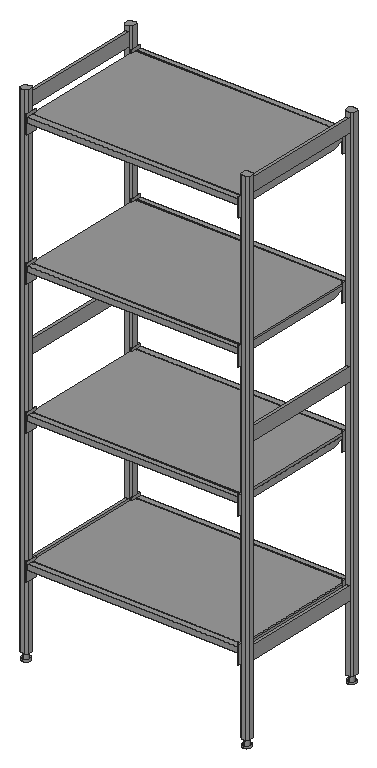
Revit family "QF_ZANUSSI_137030_BLS772", category Attrezzature speciali, Revit 2020
Family settings
  Quota connettore circolare = Usa diametro
  Tipo di parte = Normale
  Basato su piano di lavoro = No
  Sempre verticale = Sì
  Taglio con vuoti quando caricato = No
  Condiviso = No
  Punto di calcolo locali = No
Parameters (values of type "Standard")
  Weight = 17.00 kg
  Watts = 0 W
  Volts = 0 V
  URL Manufacturer = "http://www.zanussiprofessional.com"
  URL = "http://www.zanussiprofessional.com"
  Steam Supply Size = 0 mm
  Steam Supply Minimum Pressure = 0.0 Pa
  Steam Supply Maximum Pressure = 0.0 Pa
  Steam Consumption per Hour = 0
  Refrigeration Suction Line Size = 0.0 mm
  Refrigeration Liquid Line Size = 0.0 mm
  Refrigerant Compressor Remote = yes
  Prospetto di default = 0.0 mm
  Phase = 0
  Modello = "BLS772"
  Produttore = "Zanussi"
  Length Actual = 772.0 mm  # constant formula
  Item Number = "137030"
  Hot Water Size = 0 mm
  Height Actual = 1700.0 mm  # constant formula
  HP = "0 HP"
  Gas Size = 0 mm
  Gas KW = 0
  Gas Input Pressure = 0 W
  Direct Waste Size = 0 mm
  Descrizione = "ALUM.LINEAR SHELV.-POLY.TIERS-475X772MM"
  Depth Actual = 475.0 mm  # constant formula
  Cycle = 0 Hz
  Condensate Return Size = 0 mm
  Compressed Air Volume = 0.0 L/s
  Compressed Air Size = 0 mm
  Compressed Air Pressure = 0.0 Pa
  Cold Water Size = 0 mm
  Accessory = yes
Reference planes
  plane 1: z = 0
  plane 2 "Center (Left/Right)": x = -31
  plane 3 "LEFT": x = -417
  plane 4 "RIGHT": x = 355
  plane 5 "BACK": y = 23
  plane 6 "FRONT": y = -452
  plane 7 "TOP": z = 1700
  plane 8: x = 350
  plane 9: x = -385
  plane 10: x = 323
  plane 11 "Center (Front/Back)": y = -214.5
  plane 12: x = 318
  plane 13: y = -8.5
  plane 14: y = -420.5
  plane 15 "FEET": z = 25
  plane 16: z = 275
  plane 17: z = 725
  plane 18: z = 1175
  plane 19: z = 1625
  plane 20 "CXLeft": x = -403
  plane 21 "CXRight": x = 341
  plane 22: y = 5.5
  plane 23 "CYBack": y = 5.5
  plane 24 "CYFront": y = -434.5
Forms (mm)
  Extrusion 1, solid, material "QF_Aluminum"
    sketch origin (-417, 0, 0) x (0, 1, 0) y (0, 0, 1)
      loop
        line (4, 1650.994) -> (4, 1632.998) -> (23, 1632.998) -> (23, 1650.994) -> (4, 1650.994)
      loop
        line (-433, 1650.994) -> (-452, 1650.994) -> (-452, 1632.998) -> (-433, 1632.998) -> (-433, 1650.994)
      loop
        line (4, 1200.994) -> (4, 1182.998) -> (23, 1182.998) -> (23, 1200.994) -> (4, 1200.994)
      loop
        line (-433, 1200.994) -> (-452, 1200.994) -> (-452, 1182.998) -> (-433, 1182.998) -> (-433, 1200.994)
      loop
        line (4, 750.994) -> (4, 732.998) -> (23, 732.998) -> (23, 750.994) -> (4, 750.994)
      loop
        line (-433, 750.994) -> (-452, 750.994) -> (-452, 732.998) -> (-433, 732.998) -> (-433, 750.994)
      loop
        line (4, 300.994) -> (4, 282.998) -> (23, 282.998) -> (23, 300.994) -> (4, 300.994)
      loop
        line (-433, 300.994) -> (-452, 300.994) -> (-452, 282.998) -> (-433, 282.998) -> (-433, 300.994)
    from 32 to 740
  Extrusion 2, solid, material "QF_Polyethylene"
    sketch origin (-417, 0, 0) x (0, 1, 0) y (0, 0, 1)
      loop
        line (2.007, 1650.994) -> (-431, 1650.994) -> (-431, 1644.496) -> (2.007, 1644.496) -> (2.007, 1650.994)
      loop
        line (2.007, 1200.994) -> (-431, 1200.994) -> (-431, 1194.496) -> (2.007, 1194.496) -> (2.007, 1200.994)
      loop
        line (2.007, 750.994) -> (-431, 750.994) -> (-431, 744.496) -> (2.007, 744.496) -> (2.007, 750.994)
      loop
        line (2.007, 300.994) -> (-431, 300.994) -> (-431, 294.496) -> (2.007, 294.496) -> (2.007, 300.994)
    from 32 to 740
  Extrusion 3, solid, material "QF_Aluminum"
    sketch origin (355, 0, 0) x (0, 1, 0) y (0, 0, 1)
      loop
        line (-12, 1632.998) -> (4, 1632.998) -> (4, 1650.994) -> (2.007, 1650.994) -> (2.007, 1644.496) -> (-431, 1644.496) -> (-431, 1650.994) -> (-433, 1650.994) -> (-433, 1632.998) -> (-417, 1632.998) -> (-383, 1620.994) -> (-46, 1620.994) -> (-12, 1632.998)
      loop
        line (-12, 1182.998) -> (4, 1182.998) -> (4, 1200.994) -> (2.007, 1200.994) -> (2.007, 1194.496) -> (-431, 1194.496) -> (-431, 1200.994) -> (-433, 1200.994) -> (-433, 1182.998) -> (-417, 1182.998) -> (-383, 1170.994) -> (-46, 1170.994) -> (-12, 1182.998)
      loop
        line (-12, 732.998) -> (4, 732.998) -> (4, 750.994) -> (2.007, 750.994) -> (2.007, 744.496) -> (-431, 744.496) -> (-431, 750.994) -> (-433, 750.994) -> (-433, 732.998) -> (-417, 732.998) -> (-383, 720.994) -> (-46, 720.994) -> (-12, 732.998)
      loop
        line (-12, 282.998) -> (4, 282.998) -> (4, 300.994) -> (2.007, 300.994) -> (2.007, 294.496) -> (-431, 294.496) -> (-431, 300.994) -> (-433, 300.994) -> (-433, 282.998) -> (-417, 282.998) -> (-383, 270.994) -> (-46, 270.994) -> (-12, 282.998)
    from -32 to -37
Lines and regions (mm)
  symbolic lines
    curve 1: line (323, 4, 1700) -> (-385, 4, 1700)
    curve 2: line (-389, 23, 1700) -> (327, 23, 1700)
    curve 3: line (327, 13.246, 1700) -> (333.254, 19.5, 1700)
    curve 4: line (333.254, -8.5, 1700) -> (327, -2.246, 1700)
    curve 5: line (333.254, -420.5, 1700) -> (327, -426.754, 1700)
    curve 6: line (-389, -452, 1700) -> (327, -452, 1700)
    curve 7: line (327, 23, 1700) -> (327, -12.993, 1700)
    curve 8: line (327, -12.993, 1700) -> (323, -12.993, 1700)
    curve 9: line (327, -452, 1700) -> (327, -416.007, 1700)
    curve 10: line (327, -416.007, 1700) -> (323, -416.007, 1700)
    curve 11: line (-385, -12.993, 1700) -> (-385, -416.007, 1700)
    curve 12: line (-385, -433, 1700) -> (323, -433, 1700)
    curve 13: line (323, -12.993, 1700) -> (323, -416.007, 1700)
Dimensions and locks
  locked: plane 3 "LEFT" to plane 4 "RIGHT" at 772
  equal spacing: plane 3 "LEFT", plane 2 "Center (Left/Right)", plane 4 "RIGHT"
  locked: plane 7 "TOP" to level at 1700
  locked: plane 5 "BACK" to plane 6 "FRONT" at 475
  locked: plane 4 "RIGHT" to plane 8 at 5
  locked: plane 9 to plane 10 at 708
  locked: plane 3 "LEFT" to plane 9 at 32
  plane 12 to plane 10 = 5.0 mm
  locked: plane 13 to plane 14 at 412
  equal spacing: plane 13, plane 11 "Center (Front/Back)", plane 14
  equal spacing: plane 5 "BACK", plane 11 "Center (Front/Back)", plane 6 "FRONT"
  plane 15 "FEET" to level = 25.0 mm
  plane 7 "TOP" to plane 15 "FEET" = 1675.0 mm
  plane 16 to plane 15 "FEET" = 250.0 mm
  plane 17 to plane 16 = 450.0 mm
  plane 18 to plane 17 = 450.0 mm
  plane 19 to plane 18 = 450.0 mm
  locked: plane 3 "LEFT" to plane 20 "CXLeft" at 14
  locked: plane 21 "CXRight" to plane 4 "RIGHT" at 14
  locked: plane 5 "BACK" to plane 23 "CYBack" at 17.5
  locked: plane 24 "CYFront" to plane 6 "FRONT" at 17.5
  aligned and locked: level to plane 1
  aligned and locked: plane 9 to Extrusion 2
  aligned and locked: Extrusion 2 to plane 10
  aligned and locked: plane 9 to Extrusion 1
  aligned and locked: Extrusion 1 to plane 10
  aligned and locked: Extrusion 1 sketch curve to Extrusion 1 sketch curve  (x2)
  aligned and locked: Extrusion 3 sketch curve to Extrusion 3 sketch curve  (x3)
  aligned and locked: Extrusion 3 to plane 12
  aligned and locked: Extrusion 3 to plane 10
  aligned and locked: nested 1 to plane 20 "CXLeft"
  aligned and locked: nested 2 to plane 21 "CXRight"
Automatic sketch dimensions
  Extrusion 1 sketch curve to plane 6 "FRONT" = 0.0 mm  (x4)
  Extrusion 1 sketch curve to plane 5 "BACK" = 0.0 mm  (x4)
  plane 24 "CYFront" to Extrusion 1 sketch curve = 1.5 mm  (x2)
  plane 22 to Extrusion 1 sketch curve = 1.5 mm  (x4)
  plane 16 to Extrusion 1 sketch curve = 7.998 mm  (x2)
  Extrusion 1 sketch curve to Extrusion 1 sketch curve = 17.997 mm  (x8)
  plane 17 to Extrusion 1 sketch curve = 7.998 mm  (x2)
  plane 18 to Extrusion 1 sketch curve = 7.998 mm  (x2)
  plane 19 to Extrusion 1 sketch curve = 7.998 mm  (x2)
  plane 24 "CYFront" to Extrusion 2 sketch curve = 3.5 mm  (x4)
  plane 22 to Extrusion 2 sketch curve = 3.493 mm  (x4)
  plane 16 to Extrusion 2 sketch curve = 19.496 mm
  Extrusion 2 sketch curve to Extrusion 2 sketch curve = 6.499 mm  (x4)
  plane 17 to Extrusion 2 sketch curve = 19.496 mm
  plane 18 to Extrusion 2 sketch curve = 19.496 mm
  plane 19 to Extrusion 2 sketch curve = 19.496 mm
  plane 24 "CYFront" to Extrusion 3 sketch curve = 1.5 mm  (x4)
  Extrusion 3 sketch curve to Extrusion 3 sketch curve = 2.0 mm
  plane 14 to Extrusion 3 sketch curve = 3.5 mm  (x4)
  Extrusion 3 sketch curve to plane 16 = 4.006 mm
  Extrusion 3 sketch curve to Extrusion 3 sketch curve = 34.0 mm  (x4)
  Extrusion 3 sketch curve to plane 17 = 4.006 mm
  Extrusion 3 sketch curve to plane 18 = 4.006 mm
  Extrusion 3 sketch curve to plane 19 = 4.006 mm
  Extrusion 3 sketch curve to plane 13 = 37.5 mm  (x4)
  Extrusion 3 sketch curve to plane 13 = 3.5 mm  (x4)
  plane 22 to Extrusion 3 sketch curve = 3.493 mm  (x4)
  plane 22 to Extrusion 3 sketch curve = 1.5 mm  (x4)
  plane 16 to Extrusion 3 sketch curve = 7.998 mm  (x2)
  Extrusion 3 sketch curve to Extrusion 3 sketch curve = 11.498 mm  (x4)
  Extrusion 3 sketch curve to Extrusion 3 sketch curve = 6.499 mm  (x8)
  plane 17 to Extrusion 3 sketch curve = 7.998 mm  (x2)
  plane 18 to Extrusion 3 sketch curve = 7.998 mm  (x2)
  plane 19 to Extrusion 3 sketch curve = 7.998 mm  (x2)
  curve 6 to plane 6 "FRONT" = 0.0 mm
  curve 12 to plane 9 = 0.0 mm
  curve 12 to plane 10 = 0.0 mm
  curve 5 to plane 14 = 0.0 mm
  curve 11 to plane 9 = 0.0 mm
  curve 8 to plane 10 = 0.0 mm
  curve 4 to plane 13 = 0.0 mm
  curve 1 to plane 9 = 0.0 mm
  curve 1 to plane 10 = 0.0 mm
  curve 2 to plane 5 "BACK" = 0.0 mm
  plane 14 to curve 10 = 4.493 mm
  curve 7 to plane 13 = 4.493 mm
  curve 10 to plane 10 = 4.0 mm
  curve 7 to plane 10 = 4.0 mm
  plane 24 "CYFront" to curve 12 = 1.5 mm
  curve 5 to plane 14 = 6.254 mm
  plane 14 to curve 11 = 4.493 mm
  curve 11 to plane 13 = 4.493 mm
  plane 13 to curve 4 = 6.254 mm
  plane 22 to curve 1 = 1.5 mm
  curve 3 to plane 22 = 7.746 mm
  curve 3 to plane 5 "BACK" = 3.5 mm
  curve 5 to curve 9 = 6.254 mm
  curve 3 to curve 2 = 6.254 mm
  curve 4 to curve 7 = 6.254 mm
  plane 9 to curve 2 = 4.0 mm
  plane 9 to curve 6 = 4.0 mm
Nested families
  nested 1: "WT_Anta475" at (0, 0, 0), type "WT_Anta475"
  nested 2: "WT_Anta475" at (-62, 0, 0) x (-1, 0, 0) z (0, 0, 1), type "WT_Anta475"
Definition of nested family "WT_Anta475"
  Parameters
    WidthLeft = A + 64.0 mm  # 772.0 mm
    Width = 1606.0 mm
    Right = WidthLeft / 2  # 386.0 mm
    Default Elevation = 0.0 mm
    Left = -WidthLeft / 2  # -386.0 mm
    Height = 1725.0 mm
    FEET = 25.0 mm
    E = 0.0 mm
    Dint = Depth - 63.0 mm  # 412.0 mm
    Dext = Depth - 8.0 mm  # 467.0 mm
    Depth = 475.0 mm
    DX = (WidthLeft - A) / 2  # 32.0 mm
    B = 798.0 mm
    A = 708.0 mm
  Reference planes
    plane 1: z = 0
    plane 2 "LEFT": x = -417
    plane 3 "BACK": y = 23
    plane 4 "FRONT": y = -452
    plane 5 "TOP": z = 1725
    plane 6 "Center (Front/Back)": y = -214.5
    plane 7: y = -8.5
    plane 8: y = -420.5
    plane 9 "FEET": z = 25
    plane 10: z = 275
    plane 11: z = 725
    plane 12: z = 1175
    plane 13: z = 1625
    plane 14 "CXLeft": x = -403
    plane 15: y = 5.5
    plane 16 "CYBack": y = 5.5
    plane 17 "CYFront": y = -434.5
    plane 18: x = -385.031
    plane 19: x = -380.031
  Forms (mm)
    Extrusion 1, solid
      sketch origin (0, 0, 0) x (1, 0, 0) y (0, 1, 0)
        loop
          line (-417, 13.246) -> (-417, -2.246) -> (-410.746, -8.5) -> (-395.254, -8.5) -> (-389, -2.246) -> (-389, 13.246) -> (-395.254, 19.5) -> (-410.746, 19.5) -> (-417, 13.246)
      from 1725 to 25
    Extrusion 2, solid
      sketch origin (-417, 0, 0) x (0, 1, 0) y (0, 0, 1)
        loop
          line (23, 246.005) -> (23, 307.993) -> (-12.993, 307.993) -> (-12.993, 246.005) -> (23, 246.005)
        loop
          line (-452, 246.005) -> (-416.007, 246.005) -> (-416.007, 307.993) -> (-452, 307.993) -> (-452, 246.005)
        loop
          line (23, 696.005) -> (23, 757.993) -> (-12.993, 757.993) -> (-12.993, 696.005) -> (23, 696.005)
        loop
          line (-452, 696.005) -> (-416.007, 696.005) -> (-416.007, 757.993) -> (-452, 757.993) -> (-452, 696.005)
        loop
          line (23, 1146.005) -> (23, 1207.993) -> (-12.993, 1207.993) -> (-12.993, 1146.005) -> (23, 1146.005)
        loop
          line (-452, 1146.005) -> (-416.007, 1146.005) -> (-416.007, 1207.993) -> (-452, 1207.993) -> (-452, 1146.005)
        loop
          line (23, 1596.005) -> (23, 1657.993) -> (-12.993, 1657.993) -> (-12.993, 1596.005) -> (23, 1596.005)
        loop
          line (-452, 1596.005) -> (-416.007, 1596.005) -> (-416.007, 1657.993) -> (-452, 1657.993) -> (-452, 1596.005)
      from 28 to 32
    Revolve 3, solid
      sketch origin (-403, 0, 0) x (0, 1, 0) y (0, 0, 1)
        loop
          line (5.5, 25) -> (5.5, 0) -> (19, 0) -> (19, 5) -> (14, 5) -> (14, 25) -> (5.5, 25)
        axis (5.5, 25) -> (5.5, 0)
      angle from 0 to 360
    Extrusion 4, solid
      sketch origin (-403, 0, 0) x (0, 1, 0) y (0, 0, 1)
        loop
          line (-8.5, 912.382) -> (-8.5, 957.374) -> (-420.5, 957.374) -> (-420.5, 912.382) -> (-8.5, 912.382)
        loop
          line (-8.5, 1662.244) -> (-8.5, 1707.236) -> (-420.5, 1707.236) -> (-420.5, 1662.244) -> (-8.5, 1662.244)
      from -5 to 5
    Revolve 5, solid
      sketch origin (-403, -627, 0) x (0, -1, 0) y (0, 0, 1)
        loop
          line (-192.5, 25) -> (-192.5, 0) -> (-179, 0) -> (-179, 5) -> (-184, 5) -> (-184, 25) -> (-192.5, 25)
        axis (-192.5, 25) -> (-192.5, 0)
      angle from 0 to 360
    Extrusion 6, solid
      sketch origin (0, -627, 0) x (1, 0, 0) y (0, 1, 0)
        loop
          line (-417, 184.754) -> (-410.746, 178.5) -> (-395.254, 178.5) -> (-389, 184.754) -> (-389, 200.246) -> (-395.254, 206.5) -> (-410.746, 206.5) -> (-417, 200.246) -> (-417, 184.754)
      from 1725 to 25
    Extrusion 7, solid
      sketch origin (-417.031, -0.022, 0) x (0, 1, 0) y (0, 0, -1)
        loop
          line (-12, -1632.998) -> (-46, -1620.994) -> (-383, -1620.994) -> (-417, -1632.998) -> (-433, -1632.998) -> (-433, -1650.994) -> (-431, -1650.994) -> (-431, -1644.496) -> (2.007, -1644.496) -> (2.007, -1650.994) -> (4, -1650.994) -> (4, -1632.998) -> (-12, -1632.998)
        loop
          line (-12, -1182.998) -> (-46, -1170.994) -> (-383, -1170.994) -> (-417, -1182.998) -> (-433, -1182.998) -> (-433, -1200.994) -> (-431, -1200.994) -> (-431, -1194.496) -> (2.007, -1194.496) -> (2.007, -1200.994) -> (4, -1200.994) -> (4, -1182.998) -> (-12, -1182.998)
        loop
          line (-12, -732.998) -> (-46, -720.994) -> (-383, -720.994) -> (-417, -732.998) -> (-433, -732.998) -> (-433, -750.994) -> (-431, -750.994) -> (-431, -744.496) -> (2.007, -744.496) -> (2.007, -750.994) -> (4, -750.994) -> (4, -732.998) -> (-12, -732.998)
        loop
          line (-12, -282.998) -> (-46, -270.994) -> (-383, -270.994) -> (-417, -282.998) -> (-433, -282.998) -> (-433, -300.994) -> (-431, -300.994) -> (-431, -294.496) -> (2.007, -294.496) -> (2.007, -300.994) -> (4, -300.994) -> (4, -282.998) -> (-12, -282.998)
      from -32 to -37
    Extrusion 8, solid
      sketch origin (-403, 0, -659.878) x (0, 1, 0) y (0, 0, 1)
        loop
          line (-8.5, 912.382) -> (-8.5, 957.374) -> (-420.5, 957.374) -> (-420.5, 912.382) -> (-8.5, 912.382)
        loop
          line (-8.5, 1572.382) -> (-8.5, 1617.374) -> (-420.5, 1617.374) -> (-420.5, 1572.382) -> (-8.5, 1572.382)
        loop
          line (-8.5, 2322.382) -> (-8.5, 2367.374) -> (-420.5, 2367.374) -> (-420.5, 2322.382) -> (-8.5, 2322.382)
      from -5 to 5
  Lines and regions (mm)
    symbolic lines
      curve 1: line (-408, -8.5, 1725) -> (-408, -420.5, 1725)
      curve 2: line (-398, -420.5, 1725) -> (-398, -8.5, 1725)
      curve 3: line (-395.254, -8.5, 1725) -> (-410.746, -8.5, 1725)
      curve 4: line (-417, -2.246, 1725) -> (-410.746, -8.5, 1725)
      curve 5: line (-417, 13.246, 1725) -> (-417, -2.246, 1725)
      curve 6: line (-410.746, 19.5, 1725) -> (-417, 13.246, 1725)
      curve 7: line (-395.254, 19.5, 1725) -> (-410.746, 19.5, 1725)
      curve 8: line (-389, 13.246, 1725) -> (-395.254, 19.5, 1725)
      curve 9: line (-395.254, -8.5, 1725) -> (-389, -2.246, 1725)
      curve 10: line (-395.254, -420.5, 1725) -> (-410.746, -420.5, 1725)
      curve 11: line (-417, -426.754, 1725) -> (-410.746, -420.5, 1725)
      curve 12: line (-410.746, -448.5, 1725) -> (-417, -442.246, 1725)
      curve 13: line (-395.254, -448.5, 1725) -> (-410.746, -448.5, 1725)
      curve 14: line (-389, -442.246, 1725) -> (-395.254, -448.5, 1725)
      curve 15: line (-395.254, -420.5, 1725) -> (-389, -426.754, 1725)
      curve 16: line (-389, -452, 1725) -> (-389, -416.007, 1725)
      curve 17: line (-389, -416.007, 1725) -> (-385, -416.007, 1725)
      curve 18: line (-389, 23, 1725) -> (-389, -12.993, 1725)
      curve 19: line (-389, -12.993, 1725) -> (-385, -12.993, 1725)
      curve 20: line (-417, -426.754, 1725) -> (-417, -442.246, 1725)
      curve 21: line (-385, -452, 1725) -> (-385, -416.007, 1725)
      curve 22: line (-385, -452, 1725) -> (-389, -452, 1725)
      curve 23: line (-385, 23, 1725) -> (-389, 23, 1725)
      curve 24: line (-385, -12.993, 1725) -> (-385, 23, 1725)
      curve 25: line (-385.031, -13.016, 1725) -> (-385.031, -416.029, 1725)
  Dimensions and locks
    "Height": plane 5 "TOP" to level
    "Depth": plane 3 "BACK" to plane 4 "FRONT"
    "Dint": plane 7 to plane 8
    equal spacing: plane 7, plane 6 "Center (Front/Back)", plane 8
    equal spacing: plane 3 "BACK", plane 6 "Center (Front/Back)", plane 4 "FRONT"
    plane 9 "FEET" to level = 25.0 mm
    plane 5 "TOP" to plane 9 "FEET" = 1700.0 mm
    plane 10 to plane 9 "FEET" = 250.0 mm
    plane 11 to plane 10 = 450.0 mm
    plane 12 to plane 11 = 450.0 mm
    plane 13 to plane 12 = 450.0 mm
    locked: plane 2 "LEFT" to plane 14 "CXLeft" at 14
    locked: plane 3 "BACK" to plane 16 "CYBack" at 17.5
    locked: plane 17 "CYFront" to plane 4 "FRONT" at 17.5
    locked: Revolve 3 sketch curve to Revolve 3 sketch curve at 8.5
    locked: Revolve 3 sketch curve to plane 16 "CYBack" at 13.5
    locked: Revolve 5 sketch curve to Revolve 5 sketch curve at 8.5
    aligned and locked: level to plane 1
    aligned and locked: curve 20 to Extrusion 6
    aligned and locked: plane 5 "TOP" to Extrusion 1
    aligned and locked: plane 5 "TOP" to Extrusion 6
    aligned and locked: Extrusion 7 sketch curve to Extrusion 7 sketch curve  (x3)
  Automatic sketch dimensions
    curve 16 to plane 4 "FRONT" = 0.0 mm
    curve 11 to plane 8 = 0.0 mm
    curve 9 to plane 7 = 0.0 mm
    curve 5 to plane 2 "LEFT" = 0.0 mm
    curve 23 to plane 3 "BACK" = 0.0 mm
    plane 4 "FRONT" to curve 13 = 3.5 mm
    curve 20 to plane 17 "CYFront" = 7.746 mm
    curve 20 to plane 8 = 6.254 mm
    plane 8 to curve 16 = 4.493 mm
    curve 24 to plane 18 = 0.031 mm
    curve 24 to plane 7 = 4.493 mm
    plane 7 to curve 5 = 6.254 mm
    curve 5 to plane 15 = 7.746 mm
    curve 6 to plane 3 "BACK" = 3.5 mm
    curve 21 to plane 18 = 0.031 mm
    plane 18 to curve 23 = 3.969 mm
    plane 18 to curve 16 = 3.969 mm
    curve 18 to curve 8 = 6.254 mm
    curve 18 to curve 3 = 6.254 mm
    curve 16 to curve 13 = 6.254 mm
    curve 16 to curve 15 = 6.254 mm
    plane 2 "LEFT" to curve 10 = 6.254 mm
    plane 2 "LEFT" to curve 7 = 6.254 mm
    plane 2 "LEFT" to curve 12 = 6.254 mm
    plane 2 "LEFT" to curve 3 = 6.254 mm
    curve 14 to plane 17 "CYFront" = 7.746 mm
    curve 15 to plane 8 = 6.254 mm
    plane 7 to curve 9 = 6.254 mm
    curve 8 to plane 15 = 7.746 mm
    curve 3 to curve 2 = 2.746 mm
    curve 1 to curve 10 = 2.746 mm
    Extrusion 1 sketch curve to plane 2 "LEFT" = 0.0 mm
    Extrusion 1 sketch curve to plane 7 = 0.0 mm
    plane 2 "LEFT" to Extrusion 1 sketch curve = 6.254 mm  (x2)
    plane 14 "CXLeft" to Extrusion 1 sketch curve = 7.746 mm  (x2)
    Extrusion 1 sketch curve to plane 3 "BACK" = 3.5 mm
    plane 18 to Extrusion 1 sketch curve = 3.969 mm
    plane 7 to Extrusion 1 sketch curve = 6.254 mm  (x2)
    Extrusion 1 sketch curve to plane 15 = 7.746 mm  (x2)
    Extrusion 2 sketch curve to plane 4 "FRONT" = 0.0 mm  (x4)
    Extrusion 2 sketch curve to plane 3 "BACK" = 0.0 mm  (x4)
    plane 8 to Extrusion 2 sketch curve = 4.493 mm  (x4)
    Extrusion 2 sketch curve to plane 7 = 4.493 mm  (x4)
    Extrusion 2 sketch curve to plane 10 = 28.995 mm  (x2)
    plane 10 to Extrusion 2 sketch curve = 32.993 mm  (x2)
    Extrusion 2 sketch curve to plane 11 = 28.995 mm  (x2)
    plane 11 to Extrusion 2 sketch curve = 32.993 mm  (x2)
    Extrusion 2 sketch curve to plane 12 = 28.995 mm  (x2)
    plane 12 to Extrusion 2 sketch curve = 32.993 mm  (x2)
    Extrusion 2 sketch curve to plane 13 = 28.995 mm  (x2)
    plane 13 to Extrusion 2 sketch curve = 32.993 mm  (x2)
    Revolve 3 sketch curve to plane 9 "FEET" = 0.0 mm  (x2)
    Revolve 3 sketch curve to plane 15 = 0.0 mm  (x2)
    Revolve 3 sketch curve to level = 0.0 mm
    level to Revolve 3 sketch curve = 5.0 mm
    Revolve 3 sketch curve to Revolve 3 sketch curve = 11.655 mm
    Extrusion 4 sketch curve to plane 8 = 0.0 mm  (x2)
    Extrusion 4 sketch curve to plane 7 = 0.0 mm  (x2)
    plane 11 to Extrusion 4 sketch curve = 187.382 mm
    Extrusion 4 sketch curve to Extrusion 4 sketch curve = 44.992 mm
    plane 13 to Extrusion 4 sketch curve = 37.244 mm
    Extrusion 4 sketch curve to plane 5 "TOP" = 17.764 mm
    Revolve 5 sketch curve to plane 9 "FEET" = 0.0 mm  (x2)
    Revolve 5 sketch curve to plane 17 "CYFront" = 0.0 mm  (x2)
    Revolve 5 sketch curve to level = 0.0 mm
    Revolve 5 sketch curve to plane 4 "FRONT" = 4.0 mm
    Revolve 5 sketch curve to Revolve 5 sketch curve = 5.0 mm
    level to Revolve 5 sketch curve = 11.655 mm
    Extrusion 6 sketch curve to plane 2 "LEFT" = 0.0 mm
    Extrusion 6 sketch curve to plane 8 = 0.0 mm
    Extrusion 6 sketch curve to plane 2 "LEFT" = 6.254 mm  (x2)
    Extrusion 6 sketch curve to plane 14 "CXLeft" = 7.746 mm  (x2)
    Extrusion 6 sketch curve to plane 4 "FRONT" = 3.5 mm
    Extrusion 6 sketch curve to plane 18 = 3.969 mm
    plane 8 to Extrusion 6 sketch curve = 6.254 mm  (x2)
    plane 17 "CYFront" to Extrusion 6 sketch curve = 7.746 mm  (x2)
    plane 17 "CYFront" to Extrusion 7 sketch curve = 1.478 mm  (x4)
    Extrusion 7 sketch curve to Extrusion 7 sketch curve = 2.0 mm
    plane 8 to Extrusion 7 sketch curve = 3.478 mm  (x4)
    Extrusion 7 sketch curve to plane 10 = 4.006 mm
    Extrusion 7 sketch curve to Extrusion 7 sketch curve = 34.0 mm  (x4)
    Extrusion 7 sketch curve to plane 11 = 4.006 mm
    Extrusion 7 sketch curve to plane 12 = 4.006 mm
    Extrusion 7 sketch curve to plane 13 = 4.006 mm
    Extrusion 7 sketch curve to plane 7 = 37.522 mm  (x4)
    Extrusion 7 sketch curve to plane 7 = 3.522 mm  (x4)
    plane 15 to Extrusion 7 sketch curve = 3.516 mm  (x4)
    plane 15 to Extrusion 7 sketch curve = 1.522 mm  (x4)
    plane 13 to Extrusion 7 sketch curve = 7.998 mm  (x2)
    Extrusion 7 sketch curve to Extrusion 7 sketch curve = 11.498 mm
    Extrusion 7 sketch curve to Extrusion 7 sketch curve = 6.499 mm  (x5)
    plane 12 to Extrusion 7 sketch curve = 25.994 mm  (x2)
    plane 12 to Extrusion 7 sketch curve = 7.998 mm  (x2)
    plane 11 to Extrusion 7 sketch curve = 25.994 mm  (x2)
    plane 11 to Extrusion 7 sketch curve = 7.998 mm  (x2)
    plane 10 to Extrusion 7 sketch curve = 25.994 mm  (x2)
    plane 10 to Extrusion 7 sketch curve = 7.998 mm  (x2)
    curve 25 to plane 18 = 0.0 mm
    plane 8 to curve 25 = 4.471 mm
    curve 25 to plane 7 = 4.516 mm
    Extrusion 8 sketch curve to plane 8 = 0.0 mm  (x3)
    Extrusion 8 sketch curve to plane 7 = 0.0 mm  (x3)
    Extrusion 8 sketch curve to plane 10 = 22.496 mm
    plane 10 to Extrusion 8 sketch curve = 22.496 mm
    plane 11 to Extrusion 8 sketch curve = 187.504 mm
    Extrusion 8 sketch curve to Extrusion 8 sketch curve = 44.992 mm
    plane 13 to Extrusion 8 sketch curve = 37.504 mm
    Extrusion 8 sketch curve to plane 5 "TOP" = 17.504 mm
